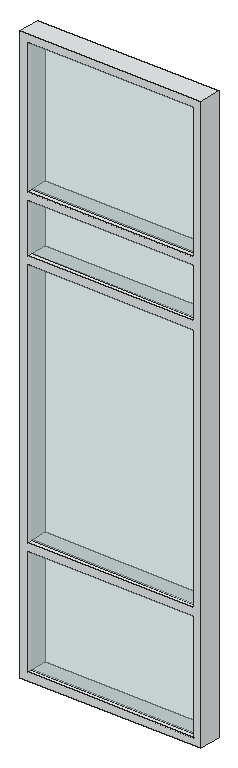
Revit family "CT_Jan_Ext_4Vid_A", category Windows, host Wall, Revit 2025
Family settings
  Host = Wall
  OmniClass Number = 23.30.20.00
  OmniClass Title = Windows
  Always vertical = Yes
  Cut with Voids When Loaded = No
  Shared = No
  Room Calculation Point = Yes
Parameters (values of type "JAN_FAC_6PA_MED_A")
  Material_Vidro = CT_Vidros
  Material_Painel_Inferior [instance] = CT_Vidros
  Material_Esquadria = CT_Esquadrias_Aluminio
  Height [instance] = 4.000 m
  Espess_Esquadria = 0.050 m
  Define Thermal Properties by = Schematic Type
  Default Sill Height = 0.800 m
  Wall Closure = By host
  Width [instance] = 1.250 m
  Analytic Construction = "<None>"
  Alt_Bandeira_Sup = 1.000 m
  Alt_Bandeira_Inf = 1.800 m
Reference planes (m)
  plane 1 "Center (Front/Back)": y = 0
  plane 2 "Center (Left/Right)": x = 0
  plane 3 "Right": x = 1.25
  plane 4 "Sill": z = 0.8
  plane 5 "Head": z = 4
  plane 6 "Exterior": y = -0.654861
  plane 7 "Interior": y = -0.754861
  plane 8: z = 3
  plane 9: z = 2.6
Forms (m)
  Extrusion 1, solid, material "CT_Esquadrias_Aluminio" <- "Material_Esquadria"
    sketch origin (0, -0.654861, 0) x (1, 0, 0) y (0, 0, 1)
      loop
        line (1.25, 4) -> (0, 4) -> (0, 0) -> (1.25, 0) -> (1.25, 4)
      loop
        line (0.05, 0.8) -> (0.05, 0.05) -> (1.2, 0.05) -> (1.2, 0.8) -> (0.05, 0.8)
      loop
        line (1.2, 3.95) -> (0.05, 3.95) -> (0.05, 3.025) -> (1.2, 3.025) -> (1.2, 3.95)
      loop
        line (0.05, 2.975) -> (0.05, 2.625) -> (1.2, 2.625) -> (1.2, 2.975) -> (0.05, 2.975)
      loop
        line (1.2, 0.85) -> (1.2, 2.575) -> (0.05, 2.575) -> (0.05, 0.85) -> (1.2, 0.85)
    from -0.05 to 0.1
  Extrusion 2, solid, material "CT_Vidros" <- "Material_Vidro"
    sketch origin (0, -0.654861, 0) x (1, 0, 0) y (0, 0, 1)
      loop
        line (1.2, 3.95) -> (0.05, 3.95) -> (0.05, 3.025) -> (1.2, 3.025) -> (1.2, 3.95)
      loop
        line (1.2, 2.975) -> (0.05, 2.975) -> (0.05, 2.625) -> (1.2, 2.625) -> (1.2, 2.975)
      loop
        line (1.2, 2.575) -> (0.05, 2.575) -> (0.05, 0.85) -> (1.2, 0.85) -> (1.2, 2.575)
    from 0.062444 to 0.074642
  Extrusion 3, solid, material "CT_Vidros" <- "Material_Vidro"
    sketch origin (0, -0.654861, 0) x (1, 0, 0) y (0, 0, 1)
      loop
        line (1.2, 0.8) -> (0.05, 0.8) -> (0.05, 0.05) -> (1.2, 0.05) -> (1.2, 0.8)
    from 0.062444 to 0.074642
Lines and regions (m)
  Opening 1
    outline origin (4.19, -0.754861, 0) x (1, 0, 0) y (0, 0, 1)
      loop
        line (-2.94, 0) -> (-2.94, 4) -> (-4.19, 4) -> (-4.19, 0) -> (-2.94, 0)
Text (m)
  text "EXTERIOR" at (-1.963203, 1.332353, 0), in view "Ref. Level"
  text "INTERIOR" at (-1.981466, -0.818386, 0), in view "Ref. Level"
  text "Exterior" at (0, 0.923751, 2.943296), in view "Right"
  text "Exterior" at (0, 1.040484, 2.685409), in view "Left"
Dimensions and locks (m)
  "Width": plane 2 "Center (Left/Right)" to plane 3 "Right"
  level to plane 5 "Head" = 4.000 m
  "Default Sill Height": plane 4 "Sill" to level
  locked: plane 6 "Exterior" to host wall
  locked: plane 7 "Interior" to host wall
  "Alt_Bandeira_Sup": plane 8 to plane 5 "Head"
  "Alt_Bandeira_Inf": plane 4 "Sill" to plane 9
  equal spacing: Extrusion 1 sketch curve, plane 8, Extrusion 1 sketch curve
  Extrusion 1 sketch curve to Extrusion 1 sketch curve = 0.050 m
  "Espess_Esquadria": Extrusion 1 sketch curve to Extrusion 1 sketch curve  (x5)
  equal spacing: Extrusion 1 sketch curve, plane 9, Extrusion 1 sketch curve
  locked: Extrusion 1 to Extrusion 2 at 0.025358
  locked: Extrusion 2 to Extrusion 2 at 0.012199
  "Height": plane 5 "Head" to level
  locked: Extrusion 1 to Extrusion 1 at 0.15
  "Espess_Esquadria": plane 2 "Center (Left/Right)" to Extrusion 3
  aligned and locked: plane 7 "Interior" to Extrusion 1
  aligned and locked: Extrusion 1 to plane 3 "Right"
  aligned and locked: Extrusion 1 sketch curve to Extrusion 1 sketch curve  (x2)
  aligned and locked: Extrusion 1 to Extrusion 2 sketch curve  (x5)
  aligned and locked: Extrusion 2 sketch curve to Extrusion 1  (x7)
  aligned and locked: Extrusion 3 sketch curve to Extrusion 1  (x4)
  aligned and locked: Extrusion 2 to Extrusion 3
  aligned and locked: Extrusion 3 to Extrusion 2
  aligned and locked: level to Opening 1 sketch curve
  aligned and locked: Opening 1 sketch curve to plane 3 "Right"
  aligned and locked: Extrusion 1 to Extrusion 1  (x3)
Automatic sketch dimensions
  plane 2 "Center (Left/Right)" to Opening 1 sketch curve = 0.000 m
  Opening 1 sketch curve to plane 5 "Head" = 0.000 m
  Extrusion 1 sketch curve to level = 0.000 m
  plane 2 "Center (Left/Right)" to Extrusion 1 sketch curve = 0.000 m
  Extrusion 1 sketch curve to plane 4 "Sill" = 0.000 m
  Extrusion 1 sketch curve to plane 3 "Right" = 0.000 m
  Extrusion 1 sketch curve to plane 5 "Head" = 0.000 m
  Extrusion 1 sketch curve to plane 2 "Center (Left/Right)" = 0.050 m  (x4)
  Extrusion 1 sketch curve to Extrusion 1 sketch curve = 0.050 m
  Extrusion 1 sketch curve to plane 9 = 0.025 m
